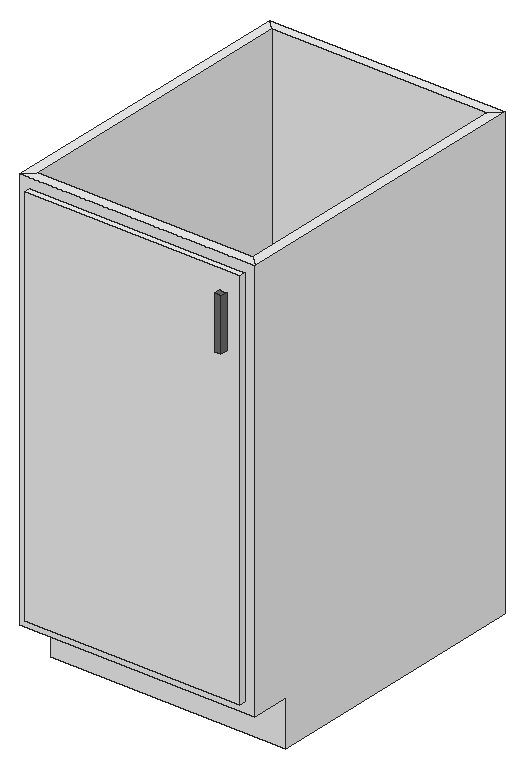
Revit family "7ae5beba3d134957913ccab17d1dbf19", category Casework, Revit 2021
Family settings
  OmniClass Number = 23.40.35.17.47.11
  OmniClass Title = Kitchen Casework
  Seek Item ID = Base Cabinet-Single Door-0000-USA-ENU
  Work Plane-Based = No
  Always vertical = Yes
  Cut with Voids When Loaded = No
  Shared = No
  Room Calculation Point = No
Parameters (values of type "18"")
  Default Elevation = 0' - 0"
  Assembly Code = "C1030410"
  Cabinet Material = none
  Depth = 2' - 0"
  Drawer Material = none
  Handle Material = Cabinets - Handles
  Height = 2' - 10 1/2"
  Toe Depth = 0' - 3"
  Toe Height = 0' - 3 1/2"
  Width = 1' - 6"
Types (6): name | Width
  (no name) | 1' - 6"
  24" | 2' - 0"
  18" | 1' - 6"
  12" | 1' - 0"
  15"' | 1' - 3"
  21" | 1' - 9"
Reference planes (in)
  plane 1 "Back": y = 0
  plane 2: z = 0
  plane 3 "Center": x = 0.7377
  plane 4 "Left": x = -8.2623
  plane 5 "Right": x = 9.7377
  plane 6 "Front": y = -24
  plane 7 "Top": z = 34.5
  plane 8: y = -21
  plane 9: z = 3.5
  plane 10: z = 33.75
  plane 11: z = 4.25
  plane 12: x = -7.5123
  plane 13: x = 8.9877
  plane 14: z = 32.25
  plane 15: z = 28.25
  plane 16: x = 7.9877
  plane 17: x = 7.4877
Forms (in)
  Extrusion 1, solid, material <- "Cabinet Material"
    sketch origin (0, 0, 0) x (1, 0, 0) y (0, 1, 0)
      loop
        line (-8.2623, 0) -> (-8.2623, -21) -> (9.7377, -21) -> (9.7377, 0) -> (-8.2623, 0)
    from 0 to 3.5
  Sweep 2, solid, material <- "Cabinet Material"
    path origin (0, 0, 0) x (1, 0, 0) y (0, 1, 0)
      loop
        line (9.7377, 0) -> (-8.2623, 0) -> (-8.2623, -24) -> (9.7377, -24) -> (9.7377, 0)
    profile origin (0, -12, 0) x (1, 0, 0) y (0, 0, 1)
      loop
        line (9.7377, 3.5) -> (9.7377, 34.5) -> (8.9877, 34.5) -> (8.9877, 3.5) -> (9.7377, 3.5)
  Extrusion 3, solid, material "Cabinets"
    sketch origin (0, 0, 0) x (1, 0, 0) y (0, 1, 0)
      loop
        line (-7.5123, -0.75) -> (-7.5123, -23.25) -> (8.9877, -23.25) -> (8.9877, -0.75) -> (-7.5123, -0.75)
    from 4.25 to 3.5
  Extrusion 4, solid, material <- "Drawer Material"
    sketch origin (0, -24, 0) x (1, 0, 0) y (0, 0, 1)
      loop
        line (-7.5123, 33.75) -> (-7.5123, 4.25) -> (8.9877, 4.25) -> (8.9877, 33.75) -> (-7.5123, 33.75)
    from 0 to 0.5
  Extrusion 5, solid, material "Cabinets - Handles" <- "Handle Material"
    sketch origin (0, -24, 0) x (1, 0, 0) y (0, 0, 1)
      loop
        line (7.4877, 32.25) -> (7.4877, 28.25) -> (7.9877, 28.25) -> (7.9877, 32.25) -> (7.4877, 32.25)
    from 0.5 to 1
Cuts and joins
  joined: Extrusion 1, Sweep 2
Lines and regions (in)
  Masking region 1
    outline origin (0, 0, 0) x (1, 0, 0) y (0, 1, 0)
      loop
        line (-8.2623, 0) -> (-8.2623, -24) -> (9.7377, -24) -> (9.7377, 0) -> (-8.2623, 0)
  model lines
    curve 1: line (-7.5123, -24, 33.75) -> (8.9877, -24, 33.75)
    curve 2: line (8.9877, -24, 4.25) -> (-7.5123, -24, 4.25)
    curve 3: line (8.9877, -24, 33.75) -> (8.9877, -24, 4.25)
    curve 4: line (-7.5123, -24, 4.25) -> (-7.5123, -24, 33.75)
    curve 5: line (7.4877, -24, 32.25) -> (7.9877, -24, 32.25)
    curve 6: line (7.4877, -24, 28.25) -> (7.4877, -24, 32.25)
    curve 7: line (7.9877, -24, 28.25) -> (7.4877, -24, 28.25)
    curve 8: line (7.9877, -24, 32.25) -> (7.9877, -24, 28.25)
  model lines, style "InvisibleLines"
    curve 9: line (-7.5123, -24, 19) -> (-8.2623, -24, 19)
  model lines, style "Elevation Swing"
    curve 10: line (8.9877, -24, 33.75) -> (-7.5123, -24, 19)
    curve 11: line (-7.5123, -24, 19) -> (8.9877, -24, 4.25)
Dimensions and locks (in)
  "Depth": plane 6 "Front" to plane 1 "Back"
  "Width": plane 4 "Left" to plane 5 "Right"
  equal spacing: plane 4 "Left", plane 3 "Center", plane 5 "Right"
  "Height": level to plane 7 "Top"
  "Toe Height": plane 2 to plane 9
  "Toe Depth": plane 6 "Front" to plane 8
  locked: plane 4 "Left" to plane 12 at 0.75
  locked: plane 13 to plane 5 "Right" at 0.75
  locked: plane 7 "Top" to plane 10 at 0.75
  locked: plane 11 to plane 9 at 0.75
  locked: plane 14 to plane 15 at 4
  plane 17 to plane 16 to plane 13 = 0' - 0 1/2" locked, 0' - 1" locked
  plane 10 to plane 14 = 0' - 1 1/2"
  equal spacing: plane 10, curve 9, plane 11
  aligned and locked: plane 1 "Back" to Extrusion 1 sketch curve
  aligned and locked: Extrusion 1 sketch curve to plane 5 "Right"
  aligned and locked: Extrusion 1 sketch curve to plane 8
  aligned and locked: plane 4 "Left" to Extrusion 1 sketch curve
  aligned and locked: Extrusion 1 to level
  aligned and locked: Sweep 2 sketch curve to plane 6 "Front"
  aligned and locked: plane 1 "Back" to Sweep 2 sketch curve
  aligned and locked: Sweep 2 sketch curve to plane 5 "Right"  (x2)
  aligned and locked: plane 4 "Left" to Sweep 2 sketch curve
  aligned and locked: plane 7 "Top" to Sweep 2 sketch curve
  aligned and locked: Sweep 2 sketch curve to plane 9
  aligned and locked: Sweep 2 to Extrusion 3 sketch curve  (x2)
  aligned and locked: Extrusion 3 sketch curve to Sweep 2  (x2)
  aligned and locked: plane 11 to Extrusion 3
  aligned and locked: plane 9 to Extrusion 3
  aligned and locked: Extrusion 1 to plane 9
  aligned and locked: plane 1 "Back" to Masking region 1 sketch curve
  aligned and locked: Masking region 1 sketch curve to plane 5 "Right"
  aligned and locked: Masking region 1 sketch curve to plane 6 "Front"
  aligned and locked: plane 4 "Left" to Masking region 1 sketch curve
Automatic sketch dimensions
  profile plane to Sweep 2 sketch curve = 0' - 0 3/4"
  curve 10 to plane 10 = 0' - 0"
  curve 10 to plane 13 = 0' - 0"
  curve 1 to plane 10 = 0' - 0"
  curve 1 to plane 13 = 0' - 0"
  curve 11 to plane 11 = 0' - 0"
  curve 11 to plane 13 = 0' - 0"
  curve 8 to plane 15 = 0' - 0"
  curve 8 to plane 16 = 0' - 0"
  curve 6 to plane 17 = 0' - 0"
  curve 4 to plane 12 = 0' - 0"
  curve 10 to plane 12 = 0' - 0"
  curve 9 to plane 4 "Left" = 0' - 0"
  curve 6 to plane 14 = 0' - 0"
  curve 2 to plane 11 = 0' - 0"
  curve 10 to curve 9 = 0' - 0"
  Extrusion 4 sketch curve to plane 11 = 0' - 0"
  Extrusion 4 sketch curve to plane 12 = 0' - 0"
  Extrusion 4 sketch curve to plane 13 = 0' - 0"
  Extrusion 4 sketch curve to plane 10 = 0' - 0"
  Extrusion 5 sketch curve to plane 15 = 0' - 0"
  Extrusion 5 sketch curve to plane 17 = 0' - 0"
  Extrusion 5 sketch curve to plane 16 = 0' - 0"
  Extrusion 5 sketch curve to plane 14 = 0' - 0"
